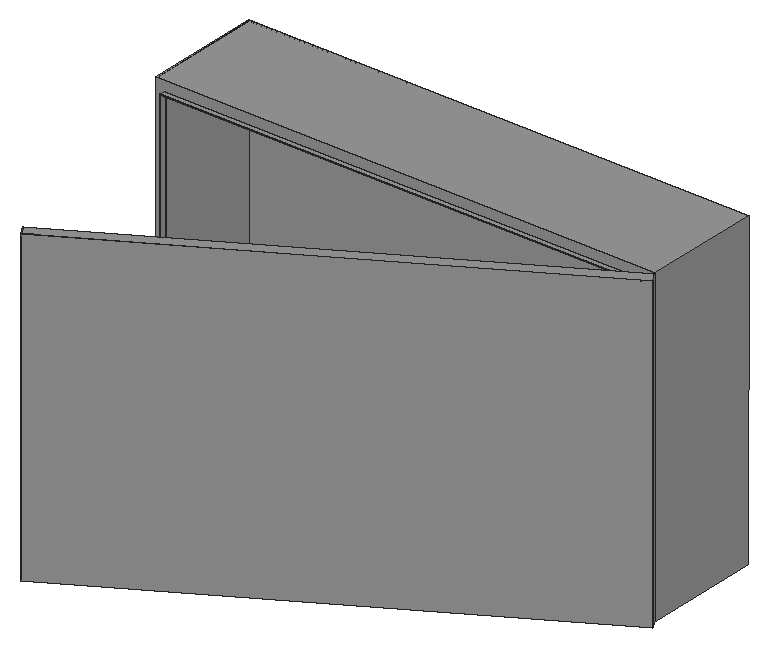
Revit family "Hager-Univers-IP44-D205-Cl.I-H500_Base-NoHosted-CH-en", category Equipement électrique, Revit 2020
Family settings
  Configuration du panneau = Deux colonnes, circuits au sein
  Cote de connecteur circulaire = Utiliser le diamètre
  Type d'élément = Tableau de raccordement
  Basée sur le plan de construction = Oui
  Toujours verticalement = Oui
  Couper avec des vides une fois chargée = Non
  Partagée = Non
  Point de calcul de pièce = Non
Parameters (values of type "Surface mounted (plaster) IP44 W800 H500 D205  - ZB013T")
  Width Control [instance] = if([EF000008 - Width] > Min Width, [EF000008 - Width], Min Width)  # 800 mm
  Commentaires du type = [HG000003 - Range]  # "Univers"
  Thickness Door [instance] = if([EF009171 - Material plate thickness door/cover] > 3 mm, 3 mm, [EF009171 - Material plate thickness door/cover])  # 1 mm
  Seal Frame Offset [instance] = 17 mm  # constant formula
  Plinth Visibility [instance] = [HG000027 - Plinth height] > 0 mm  # no
  Min Width [instance] = 100 mm  # constant formula
  Min Depth [instance] = (2 * [EF009170 - Material plate thickness cabinet]) + 1 mm  # 3 mm
  Min Height [instance] = 100 mm  # constant formula
  Internal Frame Depth [instance] = (Door System Depth * 0.5)  # 9 mm
  Panel Name [instance] = ""  # (empty or 0)
  Model = ""
  HG000027 - Plinth height = 0 mm
  HG000026 - Floor standing = no
  HG000024 - Bottom section height = 600 mm
  HG000023 - Double section enclosure = no
  HG000016 - Door 3d visibility [instance] = yes
  HG000015 - Clearance visibility [instance] = no
  HG000014 - Door on the right [instance] = yes
  HG000013 - Door on the left [instance] = not([HG000014 - Door on the right])  # no
  HG000012 - Door swing angle [instance] = 30.00°
  HG000010 - Asymmetric doors = no
  HG000009 - Double swing door = no
  HG000006 - Flush mounted = no
  HG000004 - Manufacturer reference = "ZB013T"
  HG000003 - Range = "Univers"
  HG000002 - With door or cover = yes
  Frame Offset Bottom [instance] = 10 mm  # constant formula
  Frame Offset [instance] = 15 mm  # constant formula
  EF015940 - Cover with overpressure release = no
  EF011959 - Degree of protection (NEMA) = ""
  EF009554 - Number of openings for flange plates = 0
  EF009212 - Cover model = "EV000116 - Closed"
  EF009171 - Material plate thickness door/cover = 1 mm
  EF009170 - Material plate thickness cabinet = 1 mm
  EF008873 - Nominal current (In) = 250 A
  EF007800 - Suitable for lightning protection = no
  EF006306 - With lock = no
  EF006244 - Transparent cover/door = no
  EF005474 - Degree of protection (IP) = "EV006418 - IP44"
  EF004464 - Type of door = "EV003602 - Double"
  EF004427 - Number of modules = 0
  EF004293 - Impact strength = "EV006815 - IK09"
  EF003532 - Suitable for outdoor use = no
  EF002950 - Width in number of modular spacings = 0
  EF001613 - Circuit integrity = "EV000494 - None"
  EF001596 - Material housing = "EV000179 - Steel"
  EF001131 - Internal depth = 0 mm
  EF001088 - Extension possible = yes
  EF000437 - Number of conduit inlets = 0
  EF000339 - Type of cover = "EV004216 - Door"
  EF000266 - Number of rows = 0
  EF000218 - Built-in depth = 0 mm
  EF000118 - With mounting plate = no
  EF000116 - RAL-number = "9010"
  EF000049 - Depth = 205 mm
  EF000040 - Height = 500 mm
  EF000008 - Width = 800 mm
  EF000007 - Colour = "EV000202 - White"
  EF000003 - Mounting method = "EV000384 - Surface mounted (plaster)"
  Door System Leaf Tolerance [instance] = 1.5 mm  # constant formula
  Door System Depth [instance] = 18 mm  # constant formula
  Door Height [instance] = Height Control - [HG000027 - Plinth height]  # 500 mm
  Description = ""
  Default Elevation = 1219.2 mm
  Connector Offset [instance] = Height Control / 2  # 250 mm
  Fabricant = "Hager"  # constant formula
  Height Control [instance] = if([EF000040 - Height] > Min Height, [EF000040 - Height], Min Height)  # 500 mm
  Depth Control [instance] = if([EF000049 - Depth] > Min Depth, [EF000049 - Depth], Min Depth)  # 205 mm
  Bottom Top Plate Trim [instance] = 1.5 mm  # constant formula
  Plinth height Ctrl [instance] = if([HG000027 - Plinth height] > 0 mm, [HG000027 - Plinth height], 12 mm)  # 12 mm
Types (2, lengths in mm): name | Width Control | HG000004 - Manufacturer reference | EF004464 - Type of door | EF000008 - Width
  Surface mounted (plaster) IP44 W550 H500 D205  - ZB012T | 550 | "ZB012T" | "EV002646 - Single" | 550
  Surface mounted (plaster) IP44 W800 H500 D205  - ZB013T | 800 | "ZB013T" | "EV003602 - Double" | 800
Reference planes
  plane 1 "Center (Front/Back)": y = 0
  plane 2: z = 0
  plane 3 "Center (Left/Right)": x = 0
  plane 4: y = 0
  plane 5: y = 0
  plane 6: z = 0
  plane 7: x = -400
  plane 8: x = 400
  plane 9: x = 399
  plane 10: x = -399
  plane 11: z = 0
  plane 12: z = 1
  plane 13: y = -205
  plane 14: y = -1
  plane 15: x = 0
  plane 16: y = -187
  plane 17: y = -204
  plane 18: y = -186
  plane 19: x = -384
  plane 20: x = 384
  plane 21: z = 11
  plane 22: x = -383
  plane 23: x = 383
  plane 24: z = 0
  plane 25: z = 500
  plane 26: z = 500
  plane 27: z = 484
  plane 28: z = 499
Forms (mm)
  Extrusion 1, solid, material "Hager_Steel_RAL7035_Light_Grey", detail levels medium+fine
    sketch origin (-208.679, -4572, 0) x (-1, 0, 0) y (0, -1, 0)
      loop
        line (191.321, -4385) -> (-608.679, -4385) -> (-608.679, -4572) -> (191.321, -4572) -> (191.321, -4385)
    from 0 to 500
  Extrusion 2, void
    sketch origin (-350.771, -205, 1219.2) x (1, 0, 0) y (0, 0, 1)
      loop
        line (-48.229, -720.2) -> (-48.229, -1218.2) -> (749.771, -1218.2) -> (749.771, -720.2) -> (-48.229, -720.2)
    from -19 to -204
  Extrusion 3, void
    sketch origin (-290.084, -187, 1219.2) x (1, 0, 0) y (0, 0, 1)
      loop
        line (-93.916, -1208.2) -> (674.084, -1208.2) -> (674.084, -735.2) -> (-93.916, -735.2) -> (-93.916, -1208.2)
    from 0 to -1
  Extrusion 4, solid, material "Hager_Steel_RAL7035_Light_Grey", visible <- "Plinth Visibility", detail levels medium+fine
    sketch origin (0, 0, 0) x (1, 0, 0) y (0, 1, 0)
      loop
        line (-400, 0) -> (-400, -187) -> (400, -187) -> (400, 0) -> (-400, 0)
    from 0 to 12 <- "Plinth height Ctrl"
  Extrusion 5, solid, material "Hager_Steel_RAL7035_Light_Grey", detail levels coarse
    sketch origin (0, 0, 0) x (1, 0, 0) y (0, 1, 0)
      loop
        line (-400, 0) -> (-400, -205) -> (400, -205) -> (400, 0) -> (-400, 0)
    from 0 to 500 <- "Height Control"
  Sweep 6, void
    path in 3D
      loop
        line (-400, -187, 12) -> (400, -187, 12) -> (400, 0, 12) -> (-400, 0, 12) -> (-400, -187, 12)
    profile origin (-400, -93.5, 12) x (1, 0, 0) y (0, 0, 1)
      loop
        line (0, 0) -> (0, -1.5) -> (1.5, -1.5)
        arc (1.5, -1.5) -> (1.061, -0.439) -> (0, 0) r 1.5
  Extrusion 7, solid, material "Hager_Steel_RAL7035_Light_Grey", detail levels fine
    sketch origin (-400, -187, 0) x (1, 0, 0) y (0, 0, 1)
      loop
        line (16, 11) -> (784, 11) -> (784, 484) -> (16, 484) -> (16, 11)
      loop
        line (15, 10) -> (785, 10) -> (785, 485) -> (15, 485) -> (15, 10)
    from 0 to 9 <- "Internal Frame Depth"
Cuts and joins
  Extrusion 2, Extrusion 3 cuts Extrusion 1
  Sweep 6 cuts Extrusion 4
Lines and regions (mm)
  Masking region 1
    outline origin (0, 0, 0) x (1, 0, 0) y (0, 1, 0)
      loop
        line (-400, 0) -> (-400, -205) -> (400, -205) -> (400, 0) -> (-400, 0)
  Masking region 2, detail levels coarse
    outline origin (-290.084, -187, 1219.2) x (-1, 0, 0) y (0, 0, 1)
      loop
        line (-690.084, -1219.2) -> (109.916, -1219.2) -> (109.916, -719.2) -> (-690.084, -719.2) -> (-690.084, -1219.2)
  Masking region 3, detail levels coarse
    outline origin (0, 0, 0) x (0, 1, 0) y (0, 0, 1)
      loop
        line (0, 0) -> (0, 500) -> (-205, 500) -> (-205, 0) -> (0, 0)
  Masking region 4, visible <- "Plinth Visibility", detail levels medium+fine
    outline origin (0, 0, 0) x (0, 1, 0) y (0, 0, 1)
      loop
        line (-1.5, 12) -> (-185.5, 12)
        arc (-185.5, 12) -> (-185.939, 10.939) -> (-187, 10.5) r 1.5
        line (-187, 10.5) -> (-187, 0) -> (0, 0) -> (0, 10.5)
        arc (0, 10.5) -> (-1.061, 10.939) -> (-1.5, 12) r 1.5
  Masking region 5, detail levels medium+fine
    outline origin (0, 0, 594.038) x (0, 1, 0) y (0, 0, 1)
      loop
        line (0, -594.038) -> (0, -94.038) -> (-187, -94.038) -> (-187, -594.038) -> (0, -594.038)
  Masking region 6, detail levels medium+fine
    outline origin (-359.7, -187, 1211.883) x (-1, 0, 0) y (0, 0, 1)
      loop
        line (-759.7, -1211.883) -> (40.3, -1211.883) -> (40.3, -711.883) -> (-759.7, -711.883) -> (-759.7, -1211.883)
  Masking region 7, visible <- "Plinth Visibility", detail levels medium+fine
    outline origin (-320.334, -187, 1041.368) x (-1, 0, 0) y (0, 0, 1)
      loop
        line (-720.334, -1041.368) -> (79.666, -1041.368) -> (79.666, -1030.868)
        arc (79.666, -1030.868) -> (78.606, -1030.429) -> (78.166, -1029.368) r 1.5
        line (78.166, -1029.368) -> (-718.834, -1029.368)
        arc (-718.834, -1029.368) -> (-719.273, -1030.429) -> (-720.334, -1030.868) r 1.5
        line (-720.334, -1030.868) -> (-720.334, -1041.368)
  sketch lines
    curve 1: line (-400, 0, 12) -> (-400, -187, 12)
    curve 2: line (-400, -187, 12) -> (400, -187, 12)
    curve 3: line (400, 0, 12) -> (-400, 0, 12)
    curve 4: line (400, -187, 12) -> (400, 0, 12)
Dimensions and locks
  locked: plane 1 "Center (Front/Back)" to plane 5
  "EF009170 - Material plate thickness cabinet": plane 7 to plane 10
  "EF009170 - Material plate thickness cabinet": plane 8 to plane 9
  equal spacing: plane 7, plane 3 "Center (Left/Right)", plane 8
  "Width Control": plane 7 to plane 8
  "Depth Control": plane 4 to plane 13
  "EF009170 - Material plate thickness cabinet": plane 4 to plane 14
  "Height Control": plane 25 to level
  "HG000027 - Plinth height": plane 11 to level
  "EF009170 - Material plate thickness cabinet": plane 12 to plane 11
  "EF009170 - Material plate thickness cabinet": plane 17 to plane 13
  "EF009170 - Material plate thickness cabinet": plane 18 to plane 16
  "Frame Offset Bottom": plane 21 to plane 12
  "Frame Offset": plane 10 to plane 19
  "Frame Offset": plane 9 to plane 20
  "Door System Depth": plane 16 to plane 13
  "Seal Frame Offset": plane 7 to plane 22
  "Seal Frame Offset": plane 8 to plane 23
  "EF009170 - Material plate thickness cabinet": plane 26 to plane 28
  "Frame Offset": plane 28 to plane 27
  "Connector Offset": plane 2 to connector elem
  "Bottom Top Plate Trim": profile plane to Sweep 6 sketch curve
  "Bottom Top Plate Trim": Sweep 6 sketch curve to Sweep 6 sketch curve
  "Plinth height Ctrl": Masking region 4 sketch curve to level
  "Plinth height Ctrl": Masking region 7 sketch curve to level
  "Thickness Door": Extrusion 7 sketch curve to Extrusion 7 sketch curve  (x4)
  "Bottom Top Plate Trim": radius of Sweep 6 sketch curve
  "Bottom Top Plate Trim": radius of Masking region 4 sketch curve  (x2)
  "Bottom Top Plate Trim": radius of Masking region 7 sketch curve  (x2)
  aligned and locked: Extrusion 2 sketch curve to plane 12
  aligned and locked: Extrusion 2 sketch curve to plane 9
  aligned and locked: Extrusion 2 sketch curve to plane 10
  aligned and locked: Extrusion 2 to plane 14
  aligned and locked: Extrusion 1 sketch curve to plane 4
  aligned and locked: plane 8 to Extrusion 1 sketch curve
  aligned and locked: plane 7 to Extrusion 1 sketch curve
  aligned and locked: Extrusion 2 to plane 18
  aligned and locked: plane 19 to Extrusion 3 sketch curve
  aligned and locked: plane 20 to Extrusion 3 sketch curve
  aligned and locked: Extrusion 3 to Extrusion 2
  aligned and locked: Extrusion 3 sketch curve to plane 21
  aligned and locked: plane 3 "Center (Left/Right)" to nested 1
  aligned and locked: Extrusion 1 sketch curve to plane 16
  aligned and locked: Extrusion 4 sketch curve to cut or joined group of Extrusion 1, Extrusion 2, Extrusion 3
  aligned and locked: Masking region 1 sketch curve to plane 7
  aligned and locked: Masking region 1 sketch curve to plane 5
  aligned and locked: Masking region 1 sketch curve to plane 8
  aligned and locked: Masking region 2 sketch curve to level
  aligned and locked: level to Masking region 3 sketch curve
  aligned and locked: plane 1 "Center (Front/Back)" to Masking region 3 sketch curve
  aligned and locked: plane 13 to Masking region 3 sketch curve
  aligned and locked: plane 5 to Masking region 4 sketch curve
  aligned and locked: Masking region 2 sketch curve to plane 8
  aligned and locked: Masking region 2 sketch curve to plane 7
  aligned and locked: plane 7 to nested 2
  aligned and locked: nested 2 to plane 5
  aligned and locked: plane 5 to Masking region 5 sketch curve
  aligned and locked: plane 26 to Masking region 5 sketch curve
  aligned and locked: Extrusion 5 sketch curve to plane 8
  aligned and locked: Extrusion 5 sketch curve to plane 7
  aligned and locked: Extrusion 5 sketch curve to plane 5
  aligned and locked: Extrusion 3 sketch curve to plane 27
  aligned and locked: Extrusion 2 sketch curve to plane 28
  aligned and locked: Masking region 2 to plane 25
  aligned and locked: Extrusion 4 to plane 16
  aligned and locked: profile plane to Sweep 6 sketch curve
  aligned and locked: Masking region 5 sketch curve to plane 24
  aligned and locked: level to Masking region 4 sketch curve
  aligned and locked: Masking region 1 to plane 13
  aligned and locked: nested 1 to plane 16
  aligned and locked: Masking region 3 to plane 25
  aligned and locked: plane 16 to Masking region 4 sketch curve
  aligned and locked: Masking region 5 sketch curve to plane 16
  aligned and locked: plane 24 to plane 11
  aligned and locked: plane 26 to plane 25
  aligned and locked: plane 26 to cut or joined group of Extrusion 1, Extrusion 2, Extrusion 3
  aligned and locked: nested 1 to plane 24
  aligned and locked: Extrusion 1 to Extrusion 3
  aligned and locked: Masking region 6 sketch curve to plane 8
  aligned and locked: Masking region 6 sketch curve to plane 24
  aligned and locked: Masking region 6 sketch curve to plane 7
  aligned and locked: Masking region 6 sketch curve to plane 26
  aligned and locked: Masking region 7 sketch curve to plane 7
  aligned and locked: level to Masking region 7 sketch curve
  aligned and locked: Masking region 7 sketch curve to plane 8
  aligned and locked: Extrusion 7 sketch curve to cut or joined group of Extrusion 1, Extrusion 2, Extrusion 3  (x4)
Automatic sketch dimensions
  plane 19 to Extrusion 3 sketch curve = 0 mm
  Extrusion 3 sketch curve to plane 20 = 0 mm
  Extrusion 3 sketch curve to plane 21 = 0 mm
  Extrusion 4 sketch curve to plane 7 = 0 mm
  Extrusion 4 sketch curve to plane 8 = 0 mm
  Extrusion 4 sketch curve to plane 16 = 0 mm
  Masking region 1 sketch curve to plane 13 = 0 mm
  Masking region 2 sketch curve to plane 25 = 0 mm
  Masking region 3 sketch curve to plane 25 = 0 mm
  Extrusion 5 sketch curve to plane 13 = 0 mm
  profile plane to Sweep 6 sketch curve = 0 mm
Nested families
  nested 1: "EC000058_Univers_Door" at (0, -187, 0), Double <- "HG000009 - Double swing door", Transparent <- "EF006244 - Transparent cover/door", Angle <- "HG000012 - Door swing angle", Door_Right <- "HG000014 - Door on the right", Assymetrical <- "HG000010 - Asymmetric doors", Door <- "HG000002 - With door or cover", Width_Ctrl <- "Width Control", 3d_Door <- "HG000016 - Door 3d visibility", Clearance <- "HG000015 - Clearance visibility", Door_Left <- "HG000013 - Door on the left", Width <- "Width Control", Door_Depth <- "Door System Depth", Leaf_Tolerance <- "Door System Leaf Tolerance", Height <- "Door Height", Lock_Visibility <- "EF006306 - With lock", Thickness <- "Thickness Door", type "EC000058_Univers_Door", detail levels medium+fine
    with min_wh 3 mm, Width_Ctrl 800 mm, Width 800 mm, Transparent no, Thickness 1 mm, Seal_Material Hager_Rubber, Lock_Visibility no, Lock_Material Hager_Plastic_RAL9005_Jet_Black, Leaf_Width 800 mm, Leaf_Tolerance_External_Sides 0 mm, Leaf_Tolerance 1.5 mm, Leaf_Offset 0 mm, Leaf_Height 497 mm, Leaf_2_Width 800 mm, Leaf_2_Offset 400 mm, Leaf_1_Width 800 mm, Leaf_1_Offset 400 mm, Height_Ctrl 500 mm, Height 500 mm, Glass_Material Hager_Glass, Double_Clearance_Ctrl no, Double no, Door_Right_Ctrl yes, Door_Right yes, Door_Material Hager_Steel_RAL7035_Light_Grey, Door_Left_Ctrl no, Door_Left no, Door_Depth 18 mm, Door yes, Clearance_Material Hager_Clearance, Clearance_Depth 800 mm, Clearance_Ctrl no, Clearance no, Assymetrical no, Angle 30.00°, 3d_Door yes
  nested 2: "Hager_Enclosure_Symbol" at (-400, 0, 0), Height <- "Depth Control", Width <- "Width Control", type "Hager_Enclosure_Symbol"
    with Width_Ctrl 800 mm, Width 800 mm, Height_Ctrl 205 mm, Height 205 mm, A_Width_Int 13.453 mm, A_Width 161.438 mm, A_Height_Ctrl 179.375 mm, A_Height 179.375 mm
Connectors
  electrical at (0, 0, 250)
    settings: on plane 1 "Center (Front/Back)", index 1, voltage 0 V, apparent load 0 VA, apparent load phase1 0 VA, apparent load phase2 0 VA, apparent load phase3 0 VA, power factor 1, load classification "Other", number of poles 1, system type 30, power factor state 1, is connector primary yes, connector utility no, sub classification motor no, connector description ""
Definition of nested family "EC000058_Univers_Door"
  Parameters (values of type "EC000058_Univers_Door")
    min_wh [instance] = (2 * Thickness) + 1 mm  # 11 mm
    Width_Ctrl [instance] = 400 mm
    Width [instance] = 500 mm
    Transparent [instance] = yes
    Thickness [instance] = 5 mm
    Seal_Material [instance] = none
    Lock_Visibility [instance] = yes
    Lock_Material [instance] = none
    Leaf_Width [instance] = if((Width_Ctrl - 2 * Leaf_Tolerance_External_Sides) > 0 mm, (Width_Ctrl - 2 * Leaf_Tolerance_External_Sides), min_wh)  # 400 mm
    Leaf_Tolerance_External_Sides [instance] = 0 mm  # constant formula
    Leaf_Tolerance [instance] = 1.5 mm
    Leaf_Offset [instance] = 0 mm  # constant formula
    Leaf_Height [instance] = if((Height_Ctrl - 2 * Leaf_Tolerance) > 0 mm, (Height_Ctrl - 2 * Leaf_Tolerance), min_wh)  # 497 mm
    Leaf_2_Width [instance] = if(and(and(Double, Assymetrical), Door_Left), (Leaf_Width / 3) - (Leaf_Tolerance / 2), if(and(and(Double, Assymetrical), Door_Right), (Leaf_Width / 3) * 2 - (Leaf_Tolerance / 2), if(and(Double, not(Assymetrical)), (Leaf_Width / 2) - Leaf_Tolerance, Leaf_Width)))  # 400 mm
    Leaf_2_Offset [instance] = if(and(Double, Assymetrical), Leaf_2_Width / 2, if(and(Double, not(Assymetrical)), Leaf_Width / 4, Leaf_Width / 2))  # 200 mm
    Leaf_1_Width [instance] = if(and(and(Double, Assymetrical), Door_Right), (Leaf_Width / 3) - (Leaf_Tolerance / 2), if(and(and(Double, Assymetrical), Door_Left), (Width / 3) * 2 - (Leaf_Tolerance / 2), if(and(Double, not(Assymetrical)), (Leaf_Width / 2) - Leaf_Tolerance, Leaf_Width)))  # 400 mm
    Leaf_1_Offset [instance] = if(and(Double, Assymetrical), Leaf_1_Width / 2, if(and(Double, not(Assymetrical)), Leaf_Width / 4, Leaf_Width / 2))  # 200 mm
    Height_Ctrl [instance] = if(Height > min_wh, Height, min_wh)  # 500 mm
    Height [instance] = 500 mm
    Glass_Material [instance] = none
    Double_Clearance_Ctrl [instance] = and(Double, Clearance)  # no
    Double [instance] = no
    Door_Right_Ctrl [instance] = and(or(Door_Right, Double), Door)  # yes
    Door_Right [instance] = yes
    Door_Material [instance] = none
    Door_Left_Ctrl [instance] = and(or(Door_Left, Double), Door)  # no
    Door_Left [instance] = no
    Door_Depth [instance] = 30 mm
    Door [instance] = yes
    Default Elevation = 1219.2 mm
    Clearance_Material [instance] = none
    Clearance_Depth [instance] = if(Leaf_1_Width > Leaf_2_Width, Leaf_1_Width, Leaf_2_Width)  # 400 mm
    Clearance_Ctrl [instance] = and(not(Double), Clearance)  # yes
    Clearance [instance] = yes
    Assymetrical [instance] = yes
    Angle [instance] = 30.00°
    3d_Door [instance] = yes
  Reference planes
    plane 1 "Center (Front/Back)": y = 0
    plane 2 "Bottom": z = 0
    plane 3 "Center (Left/Right)": x = 0
    plane 4: z = 500
    plane 5: x = -200
    plane 6: x = 200
    plane 7: z = 500
    plane 8: x = -200
    plane 9: z = 0
    plane 10: x = 200
    plane 11: y = 0
    plane 12: z = 1.5
    plane 13: x = -600
    plane 14: y = -400
    plane 15: x = 600
    plane 16: x = 0
    plane 17: x = 0
    plane 18: x = -200
    plane 19: x = 200
    plane 20: z = 498.5
  Forms (mm)
    Extrusion 1, solid, material <- "Clearance_Material", visible <- "Double_Clearance_Ctrl"
      sketch origin (1200, 0, 0) x (1, 0, 0) y (0, 0, -1)
        loop
          line (-1800, -498.5) -> (-600, -498.5) -> (-600, 0) -> (-1800, 0) -> (-1800, -498.5)
      from 0 to -400
  Dimensions and locks
    equal spacing: plane 5, plane 3 "Center (Left/Right)", plane 6
    "Width_Ctrl": plane 5 to plane 6
    "Leaf_Offset": plane 5 to plane 8
    "Leaf_Offset": plane 6 to plane 10
    "Leaf_Offset": plane 9 to level
    "Leaf_Offset": plane 4 to plane 7
    "Height_Ctrl": plane 4 to level
    "Leaf_Tolerance": plane 12 to plane 9
    locked: plane 11 to plane 1 "Center (Front/Back)"
    "Leaf_1_Offset": plane 18 to plane 16
    "Leaf_2_Offset": plane 17 to plane 19
    "Leaf_1_Width": plane 13 to plane 8
    "Leaf_2_Width": plane 10 to plane 15
    "Clearance_Depth": plane 14 to plane 1 "Center (Front/Back)"
    "Leaf_Tolerance_External_Sides": plane 8 to plane 18
    "Leaf_Tolerance_External_Sides": plane 19 to plane 10
    "Leaf_Tolerance": plane 7 to plane 20
    aligned and locked: level to plane 2 "Bottom"
    aligned and locked: nested 1 to plane 16
    aligned and locked: nested 2 to plane 17
    aligned and locked: Extrusion 1 to plane 13
    aligned and locked: plane 15 to Extrusion 1
    aligned and locked: Extrusion 1 to plane 14
    aligned and locked: plane 12 to nested 1
    aligned and locked: nested 2 to plane 12
    aligned and locked: Extrusion 1 to plane 11
    aligned and locked: plane 20 to Extrusion 1
    aligned and locked: nested 2 to plane 11
    aligned and locked: nested 1 to plane 11
  Automatic sketch dimensions
    Extrusion 1 sketch curve to level = 0 mm
    plane 5 to Extrusion 1 sketch curve = 400 mm
    plane 6 to Extrusion 1 sketch curve = 400 mm
    Extrusion 1 sketch curve to plane 4 = 1.5 mm
  Nested families
    nested 1: "EC000058_Univers_Door_Leaf" at (0, 0, 1.5), Width <- "Leaf_1_Width", visible <- "Door_Left_Ctrl", Leaf_Height <- "Leaf_Height", Angle <- "Angle", 3d_Door <- "3d_Door", Transparent <- "Transparent", Clearance Material <- "Clearance_Material", Clearance <- "Clearance_Ctrl", Door_Material <- "Door_Material", Glass_Material <- "Glass_Material", Door_Depth <- "Door_Depth", Lock_Material <- "Lock_Material", Seal_Material <- "Seal_Material", Lock_Visibility <- "Lock_Visibility", Thickness <- "Thickness", type "EC000058_Univers_Door_Leaf"
      with Width 400 mm, Transparent_Glass_Offset 30 mm, Transparent_Ctrl yes, Transparent yes, Thickness 5 mm, Standard no, Seal_Material none, Seal_D2 8 mm, Seal_D1 1 mm, Offset_Internal_Frame 10 mm, Lock_Width 20 mm, Lock_Visibility_3d yes, Lock_Visibility yes, Lock_Thickness_3 3 mm, Lock_Thickness_2 1 mm, Lock_Thickness_1 3 mm, Lock_Radius_Offset_2 16 mm, Lock_Radius_Offset_1 15 mm, Lock_Radius_2 5 mm, Lock_Radius 6 mm, Lock_Offset 5 mm, Lock_Material none, Lock_Height 80 mm, Lock_Cover_Top_Offset_2d 17 mm, Lock_Cover_Height -65 mm, Leaf_Height 497 mm, Internal_Seal_Thickness 8 mm, Internal_Seal_Depth_2 4.5 mm, Internal_Frame_Depth 25 mm, Glass_Thickness -1 mm, Glass_Offset -2 mm, Glass_Material none, Door_Material none, Door_Depth 30 mm, Clearance Material none, Clearance yes, Angle_Ctrl 30.00°, Angle 30.00°, 3d_Door yes
    nested 2: "EC000058_Univers_Door_Leaf" at (0, 0, 1.5) x (-1, 0, 0) z (0, 0, 1), Width <- "Leaf_2_Width", visible <- "Door_Right_Ctrl", Leaf_Height <- "Leaf_Height", Angle <- "Angle", 3d_Door <- "3d_Door", Transparent <- "Transparent", Clearance Material <- "Clearance_Material", Clearance <- "Clearance_Ctrl", Door_Material <- "Door_Material", Glass_Material <- "Glass_Material", Door_Depth <- "Door_Depth", Lock_Material <- "Lock_Material", Seal_Material <- "Seal_Material", Lock_Visibility <- "Lock_Visibility", Thickness <- "Thickness", type "EC000058_Univers_Door_Leaf"
      with Width 400 mm, Transparent_Glass_Offset 30 mm, Transparent_Ctrl yes, Transparent yes, Thickness 5 mm, Standard no, Seal_Material none, Seal_D2 8 mm, Seal_D1 1 mm, Offset_Internal_Frame 10 mm, Lock_Width 20 mm, Lock_Visibility_3d yes, Lock_Visibility yes, Lock_Thickness_3 3 mm, Lock_Thickness_2 1 mm, Lock_Thickness_1 3 mm, Lock_Radius_Offset_2 16 mm, Lock_Radius_Offset_1 15 mm, Lock_Radius_2 5 mm, Lock_Radius 6 mm, Lock_Offset 5 mm, Lock_Material none, Lock_Height 80 mm, Lock_Cover_Top_Offset_2d 17 mm, Lock_Cover_Height -65 mm, Leaf_Height 497 mm, Internal_Seal_Thickness 8 mm, Internal_Seal_Depth_2 4.5 mm, Internal_Frame_Depth 25 mm, Glass_Thickness -1 mm, Glass_Offset -2 mm, Glass_Material none, Door_Material none, Door_Depth 30 mm, Clearance Material none, Clearance yes, Angle_Ctrl 30.00°, Angle 30.00°, 3d_Door yes
  Definition of nested family "EC000058_Univers_Door_Leaf"
    Parameters (values of type "EC000058_Univers_Door_Leaf")
      Width [instance] = 2000 mm
      Transparent_Glass_Offset [instance] = 30 mm
      Transparent_Ctrl [instance] = and(Transparent, [3d_Door])  # yes
      Transparent [instance] = yes
      Thickness [instance] = 5 mm
      Standard [instance] = and(not(Transparent), [3d_Door])  # no
      Seal_Material [instance] = none
      Seal_D2 [instance] = 8 mm  # constant formula
      Seal_D1 [instance] = 1 mm  # constant formula
      Offset_Internal_Frame [instance] = 10 mm  # constant formula
      Lock_Width [instance] = 20 mm  # constant formula
      Lock_Visibility_3d [instance] = and(Lock_Visibility, [3d_Door])  # yes
      Lock_Visibility [instance] = yes
      Lock_Thickness_3 [instance] = 3 mm  # constant formula
      Lock_Thickness_2 [instance] = 1 mm  # constant formula
      Lock_Thickness_1 [instance] = 3 mm  # constant formula
      Lock_Radius_Offset_2 [instance] = Lock_Radius_Offset_1 + 1 mm  # 16 mm
      Lock_Radius_Offset_1 [instance] = 15 mm  # constant formula
      Lock_Radius_2 [instance] = Lock_Radius - 1 mm  # 5 mm
      Lock_Radius [instance] = 6 mm  # constant formula
      Lock_Offset [instance] = 5 mm  # constant formula
      Lock_Material [instance] = none
      Lock_Height [instance] = 80 mm  # constant formula
      Lock_Cover_Top_Offset_2d [instance] = Lock_Radius_Offset_2 + 1 mm  # 17 mm
      Lock_Cover_Height [instance] = -(Lock_Height - Lock_Radius_Offset_1)  # -65 mm
      Leaf_Height [instance] = 2720.336 mm
      Internal_Seal_Thickness [instance] = 8 mm  # constant formula
      Internal_Seal_Depth_2 [instance] = 4.5 mm  # constant formula
      Internal_Frame_Depth [instance] = if(Door_Depth - Thickness > 5 mm, Door_Depth - Thickness, 5 mm)  # 25 mm
      Glass_Thickness [instance] = if(Thickness > 15 mm, Glass_Offset + 10 mm, -1 mm)  # -1 mm
      Glass_Offset [instance] = if(Thickness > 15 mm, -(Thickness + 10 mm) / 2, -2 mm)  # -2 mm
      Glass_Material [instance] = none
      Door_Material [instance] = none
      Door_Depth [instance] = 30 mm
      Default Elevation = 0 mm
      Clearance Material [instance] = none
      Clearance [instance] = yes
      Angle_Ctrl [instance] = if(Angle > 180.00°, 180.00°, Angle)  # 90.00°
      Angle [instance] = 90.00°
      3d_Door [instance] = yes
    Reference planes
      plane 1 "Center (Front/Back)": y = 0
      plane 2: z = 0
      plane 3 "Center (Left/Right)": x = 0
      plane 4: y = 2000
      plane 5: x = -1000
      plane 6: x = 1000
      plane 7: x = -3000
      plane 8: z = 2720.336
      plane 9: z = 30
      plane 10: z = 2690.336
      plane 11: x = 970
      plane 12: x = -970
      plane 13: y = -3
      plane 14: z = 107.833
      plane 15: y = -5
      plane 16: y = -223.314
      plane 17: x = -1000
      plane 18: z = 1360.168
      plane 19: y = 30
    Forms (mm)
      Extrusion 1, solid, material <- "Clearance Material", visible <- "Clearance"
        sketch origin (0, 0, 0) x (1, 0, 0) y (0, 0, 1)
          loop
            line (-3000, 2720.336) -> (-3000, 0) -> (1000, 0) -> (1000, 2720.336) -> (-3000, 2720.336)
        from 0 to -2000
      Extrusion 2, solid, material <- "Door_Material", visible <- "Standard", detail levels medium+fine
        sketch origin (-1000, 0, 0) x (0, 1, 0) y (-1, 0, 0)
          loop
            line (0, 30) -> (0, 25) -> (2000, 25) -> (2000, 30) -> (0, 30)
        from 0 to 2720.336 <- "Leaf_Height"
      Extrusion 3, solid, material <- "Door_Material", visible <- "Transparent_Ctrl", detail levels medium+fine
        sketch origin (-1000, 0, 0) x (0, 1, 0) y (-1, 0, 0)
          loop
            line (0, 25) -> (2000, 25) -> (2000, 30) -> (0, 30) -> (0, 25)
        from 0 to 2720.336 <- "Leaf_Height"
      Extrusion 4, void
        sketch origin (-1025, 2000, 0) x (0, 1, 0) y (0, 0, -1)
          loop
            line (-30, -2690.336) -> (-30, -30) -> (-1970, -30) -> (-1970, -2690.336) -> (-30, -2690.336)
        from 0 to 5 <- "Thickness"
      Sweep 5, solid, material <- "Seal_Material", visible <- "Transparent_Ctrl", detail levels fine
        path in 3D
          loop
            line (-1025, 30, 30) -> (-1025, 30, 2690.336) -> (-1025, 1970, 2690.336) -> (-1025, 1970, 30) -> (-1025, 30, 30)
        profile origin (-1025, 1000, 30) x (1, 0, 0) y (0, 0, 1)
          loop
            line (0, 0) -> (0, -8) -> (1, -8) -> (1, 0) -> (0, 0)
      Extrusion 6, solid, material <- "Glass_Material", visible <- "Transparent_Ctrl", detail levels medium+fine
        sketch origin (-1030, 0, 0) x (0, 1, 0) y (0, 0, -1)
          loop
            line (1970, -2690.336) -> (1970, -30) -> (30, -30) -> (30, -2690.336) -> (1970, -2690.336)
        from -2 <- "Glass_Offset" to -1 <- "Glass_Thickness"
      Extrusion 7, solid, material <- "Door_Material", visible <- "3d_Door", detail levels medium+fine
        sketch origin (-1025, 2000, 0) x (0, -1, 0) y (0, 0, -1)
          loop
            line (0, -2720.336) -> (2000, -2720.336) -> (2000, 0) -> (0, 0) -> (0, -2720.336)
          loop
            line (1995, -5) -> (5, -5) -> (5, -2715.336) -> (1995, -2715.336) -> (1995, -5)
        from 0 to 25 <- "Internal_Frame_Depth"
      Sweep 8, solid, material <- "Seal_Material", visible <- "Transparent_Ctrl", detail levels fine
        path in 3D
          loop
            line (-1025, 0, 0) -> (-1025, 2000, 0) -> (-1025, 2000, 2720.336) -> (-1025, 0, 2720.336) -> (-1025, 0, 0)
        profile origin (-1025, 0, 1360.168) x (1, 0, 0) y (0, 1, 0)
          loop
            line (0, 10) -> (2.975, 10)
            arc (2.975, 10) -> (4.053, 10.447) -> (4.5, 11.525) r 1.525
            line (4.5, 11.525) -> (4.5, 16.527)
            arc (4.5, 16.527) -> (4.069, 17.569) -> (3.027, 18) r 1.473
            line (3.027, 18) -> (0, 18) -> (0, 10)
      Extrusion 9, solid, material <- "Lock_Material", visible <- "Lock_Visibility_3d", detail levels fine
        sketch origin (-1030, 0, 0) x (0, 1, 0) y (0, 0, -1)
          loop
            arc (1993.5, -1400.168) -> (1994.561, -1399.729) -> (1995, -1398.668) r 1.5
            line (1995, -1398.668) -> (1995, -1320.168) -> (1975, -1320.168) -> (1975, -1398.668)
            arc (1975, -1398.668) -> (1975.439, -1399.729) -> (1976.5, -1400.168) r 1.5
            line (1976.5, -1400.168) -> (1993.5, -1400.168)
        from 3 <- "Lock_Thickness_1" to 0
      Blend 10, solid, material <- "Lock_Material", visible <- "Lock_Visibility_3d", detail levels fine
        base sketch origin (-1033, 0, 0) x (0, 1, 0) y (0, 0, -1)
          loop
            line (1975, -1320.168) -> (1975, -1398.668)
            arc (1975, -1398.668) -> (1975.439, -1399.729) -> (1976.5, -1400.168) r 1.5
            line (1976.5, -1400.168) -> (1993.5, -1400.168)
            arc (1993.5, -1400.168) -> (1994.561, -1399.729) -> (1995, -1398.668) r 1.5
            line (1995, -1398.668) -> (1995, -1320.168) -> (1975, -1320.168)
        top sketch origin (-1033, 0, 0) x (0, 1, 0) y (0, 0, -1)
          loop
            line (1976, -1320.168) -> (1976, -1398.668)
            arc (1976, -1398.668) -> (1976.146, -1399.022) -> (1976.5, -1399.168) r 0.5
            line (1976.5, -1399.168) -> (1993.5, -1399.168)
            arc (1993.5, -1399.168) -> (1993.854, -1399.022) -> (1994, -1398.668) r 0.5
            line (1994, -1398.668) -> (1994, -1320.168) -> (1976, -1320.168)
        from 0 to 1 <- "Lock_Thickness_2"
      Blend 11, solid, material <- "Lock_Material", visible <- "Lock_Visibility_3d", detail levels fine
        base sketch origin (-1034, 0, 0) x (0, 1, 0) y (0, 0, -1)
          loop
            line (1978, -1320.168) -> (1978, -1384.168)
            arc (1978, -1384.168) -> (1985, -1391.168) -> (1992, -1384.168) r 7
            line (1992, -1384.168) -> (1992, -1320.168) -> (1978, -1320.168)
        top sketch origin (-1034, 0, 0) x (0, 1, 0) y (0, 0, -1)
          loop
            line (1991, -1320.168) -> (1979, -1320.168) -> (1979, -1383.168)
            arc (1979, -1383.168) -> (1985, -1389.168) -> (1991, -1383.168) r 6
            line (1991, -1383.168) -> (1991, -1320.168)
        from 0 to 3 <- "Lock_Thickness_3"
      Extrusion 12, solid, material <- "Lock_Material", visible <- "Lock_Visibility_3d", detail levels fine
        sketch origin (-1030, 1975, 1320.168) x (1, 0, 0) y (0, -1, 0)
          loop
            line (-7, -19) -> (-7, -1) -> (0, -1) -> (0, 0) -> (-8, 0) -> (-8, -20) -> (0, -20) -> (0, -19) -> (-7, -19)
        from 0 to -65 <- "Lock_Cover_Height"
      Extrusion 13, void
        sketch origin (-1038, 1995, 1320.168) x (-1, 0, 0) y (0, 0, -1)
          loop
            line (-5, -65) -> (0, -65) -> (-5, -60) -> (-5, -65)
        from 0 to 20 <- "Lock_Width"
      Extrusion 14, void
        sketch origin (-1038, 1975, 1320.168) x (0, -1, 0) y (0, 0, -1)
          loop
            circle (-10, -15.995) r 6
          loop
            circle (-10, -15.995) r 5
        from 0 to 2
      Extrusion 15, solid, material <- "Lock_Material", visible <- "Lock_Visibility_3d", detail levels medium
        sketch origin (-1030, 0, 0) x (0, 1, 0) y (0, 0, -1)
          loop
            arc (1993.5, -1400.168) -> (1994.561, -1399.729) -> (1995, -1398.668) r 1.5
            line (1995, -1398.668) -> (1995, -1320.168) -> (1975, -1320.168) -> (1975, -1398.668)
            arc (1975, -1398.668) -> (1975.439, -1399.729) -> (1976.5, -1400.168) r 1.5
            line (1976.5, -1400.168) -> (1993.5, -1400.168)
        from 8 to 0
    Cuts and joins
      Extrusion 4 cuts Extrusion 3
      Extrusion 13, Extrusion 14 cuts Extrusion 9
      Extrusion 14 cuts Blend 11
      Extrusion 13, Extrusion 14 cuts Extrusion 12
      joined: Extrusion 9, Blend 10, Blend 11, Extrusion 12
      Extrusion 14 cuts Extrusion 15
    Lines and regions (mm)
      Masking region 1, visible <- "Lock_Visibility", detail levels fine
        outline origin (0, 0, 0) x (0, 1, 0) y (0, 0, 1)
          loop
            line (30, 1320.168) -> (33, 1320.168) -> (33, 1400.168) -> (30, 1400.168) -> (30, 1320.168)
      Masking region 2, visible <- "Lock_Visibility", detail levels fine
        outline origin (0, 3.143, 0) x (0, 1, 0) y (0, 0, 1)
          loop
            line (29.857, 1354.168) -> (30.857, 1354.168) -> (30.857, 1366.168) -> (29.857, 1366.168) -> (29.857, 1354.168)
      Masking region 3, detail levels medium+fine
        outline origin (0, 0, 0) x (0, 1, 0) y (0, 0, 1)
          loop
            line (0, 0) -> (30, 0) -> (30, 2720.336) -> (0, 2720.336) -> (0, 0)
      Masking region 4, detail levels medium+fine
        outline origin (0, 0, 0) x (1, 0, 0) y (0, 0, 1)
          loop
            line (-1000, 2720.336) -> (-1000, 0) -> (1000, 0) -> (1000, 2720.336) -> (-1000, 2720.336)
      Masking region 5, visible <- "Lock_Visibility", detail levels fine
        outline origin (-47.116, 0, 0) x (1, 0, 0) y (0, 0, 1)
          loop
            arc (1024.616, 1399.168) -> (1023.556, 1398.729) -> (1023.116, 1397.668) r 1.5
            line (1023.116, 1397.668) -> (1023.116, 1320.168) -> (1041.116, 1320.168) -> (1041.116, 1397.668)
            arc (1041.116, 1397.668) -> (1040.677, 1398.729) -> (1039.616, 1399.168) r 1.5
            line (1039.616, 1399.168) -> (1024.616, 1399.168)
      Masking region 6, visible <- "Lock_Visibility", detail levels medium+fine
        outline origin (-25, 0, 0) x (1, 0, 0) y (0, 0, 1)
          loop
            arc (1001.5, 1400.168) -> (1000.439, 1399.729) -> (1000, 1398.668) r 1.5
            line (1000, 1398.668) -> (1000, 1320.168) -> (1020, 1320.168) -> (1020, 1398.668)
            arc (1020, 1398.668) -> (1019.561, 1399.729) -> (1018.5, 1400.168) r 1.5
            line (1018.5, 1400.168) -> (1001.5, 1400.168)
      Masking region 7, visible <- "Lock_Visibility", detail levels fine
        outline origin (-73.735, 0, 0) x (1, 0, 0) y (0, 0, 1)
          loop
            line (1051.735, 1382.168) -> (1065.735, 1382.168) -> (1065.735, 1384.168)
            arc (1065.735, 1384.168) -> (1058.735, 1391.168) -> (1051.735, 1384.168) r 7
            line (1051.735, 1384.168) -> (1051.735, 1382.168)
      Masking region 8, visible <- "Lock_Visibility", detail levels fine
        outline origin (-73.735, 0, 0) x (1, 0, 0) y (0, 0, 1)
          loop
            line (1052.735, 1382.168) -> (1064.735, 1382.168) -> (1064.735, 1383.168)
            arc (1064.735, 1383.168) -> (1058.735, 1389.168) -> (1052.735, 1383.168) r 6
            line (1052.735, 1383.168) -> (1052.735, 1382.168)
      Masking region 9, visible <- "Lock_Visibility", detail levels fine
        outline origin (-25, 0, 0) x (1, 0, 0) y (0, 0, 1)
          loop
            line (1020, 1320.168) -> (1020, 1382.168) -> (1000, 1382.168) -> (1000, 1320.168) -> (1020, 1320.168)
      Masking region 10, detail levels medium+fine
        outline origin (0, 0, 0) x (1, 0, 0) y (0, 0, 1)
          loop
            circle (985, 1335.144) r 6
      Masking region 11, detail levels fine
        outline origin (0, 0, 0) x (1, 0, 0) y (0, 0, 1)
          loop
            circle (985, 1335.144) r 5
      Masking region 12, visible <- "Lock_Visibility", detail levels fine
        outline origin (0, 12.767, 0) x (0, 1, 0) y (0, 0, 1)
          loop
            line (20.233, 1320.168) -> (21.233, 1320.168) -> (21.233, 1399.168) -> (20.233, 1400.168) -> (20.233, 1320.168)
      Masking region 13, visible <- "Lock_Visibility", detail levels fine
        outline origin (0, 13.767, -10) x (0, 1, 0) y (0, 0, 1)
          loop
            line (20.233, 1330.168) -> (23.233, 1330.168) -> (23.233, 1399.168) -> (20.233, 1402.168) -> (20.233, 1330.168)
      Masking region 14, visible <- "Lock_Visibility", detail levels fine
        outline origin (0, 12.767, -10) x (0, 1, 0) y (0, 0, 1)
          loop
            line (20.233, 1330.168) -> (25.233, 1330.168) -> (25.233, 1399.305) -> (20.233, 1394.305) -> (20.233, 1330.168)
      Masking region 15, visible <- "Lock_Visibility", detail levels medium
        outline origin (0, 0, 0) x (0, 1, 0) y (0, 0, 1)
          loop
            line (30, 1320.168) -> (38, 1320.168) -> (38, 1400.168) -> (30, 1400.168) -> (30, 1320.168)
      Masking region 16, visible <- "Lock_Visibility", detail levels fine
        outline origin (-1000, 0, 0) x (0, 1, 0) y (-1, 0, 0)
          loop
            line (1975, 30) -> (1995, 30) -> (1995, 38) -> (1975, 38) -> (1975, 30)
          loop
            line (1979, 37) -> (1976, 37) -> (1976, 34) -> (1978, 34) -> (1979, 37)
          loop
            line (1994, 37) -> (1991, 37) -> (1992, 34) -> (1994, 34) -> (1994, 37)
      Masking region 17, visible <- "Lock_Visibility", detail levels medium
        outline origin (-1000, 0, 0) x (0, 1, 0) y (-1, 0, 0)
          loop
            line (1975, 30) -> (1995, 30) -> (1995, 38) -> (1975, 38) -> (1975, 30)
      symbolic lines
        curve 1: line (1000, 0, 0) -> (-3000, 0, 0)
        curve 2: arc (1000, 0, 0) -> (-1000, 2000, 0) -> (-3000, 0, 0) r 2000
        curve 4: line (-1030, 0, 0) -> (-1030, 2000, 0)
      reference lines
        curve 3: line (-1000, 0, 0) -> (-1000, 2000, 0)
      symbolic lines, detail levels medium+fine
        curve 5: line (-1030, 2000, 0) -> (-1025, 2000, 0)
        curve 7: line (-1025, 0, 0) -> (-1030, 0, 0)
        curve 8: line (-1025, 0, 0) -> (-1000, 0, 0)
        curve 9: line (-1000, 0, 0) -> (-1000, 2000, 0)
        curve 10: line (-1000, 2000, 0) -> (-1025, 2000, 0)
      symbolic lines, detail levels fine
        curve 6: line (-1025, 2000, 0) -> (-1025, 0, 0)
      sketch lines
        curve 11: line (-1025, 0, 2720.336) -> (-1025, 0, 0)
        curve 12: line (-1025, 2000, 0) -> (-1025, 0, 0)
        curve 13: line (-1025, 2000, 2720.336) -> (-1025, 2000, 0)
        curve 14: line (-1025, 0, 2720.336) -> (-1025, 2000, 2720.336)
        curve 15: line (-1025, 1970, 30) -> (-1025, 30, 30)
        curve 16: line (-1025, 30, 30) -> (-1025, 30, 2690.336)
        curve 17: line (-1025, 1970, 2690.336) -> (-1025, 1970, 30)
        curve 18: line (-1025, 30, 2690.336) -> (-1025, 1970, 2690.336)
      symbolic lines, visible <- "Transparent", detail levels medium+fine
        curve 19: line (-970, 0, 2690.336) -> (970, 0, 2690.336)
        curve 20: line (-970, 0, 30) -> (-970, 0, 2690.336)
        curve 21: line (970, 0, 30) -> (-970, 0, 30)
        curve 22: line (970, 0, 2690.336) -> (970, 0, 30)
    Dimensions and locks
      "Width": plane 1 "Center (Front/Back)" to plane 4
      equal spacing: plane 5, plane 3 "Center (Left/Right)", plane 6
      "Width": plane 5 to plane 6
      "Width": plane 7 to plane 5
      "Leaf_Height": plane 8 to level
      "Width": curve 5 to curve 3
      "Width": curve 3 to curve 3
      plane 8 to plane 10 = 30 mm
      plane 9 to level = 30 mm
      plane 12 to plane 5 = 30 mm
      plane 6 to plane 11 = 30 mm
      Extrusion 1 to Extrusion 4 sketch curve = 30 mm
      "Transparent_Glass_Offset": curve 3 to Extrusion 4 sketch curve
      "Transparent_Glass_Offset": Extrusion 4 sketch curve to cut or joined group of Extrusion 3, Extrusion 4  (x2)
      cut or joined group of Extrusion 3, Extrusion 4 to Extrusion 6 sketch curve = 30 mm
      "Transparent_Glass_Offset": cut or joined group of Extrusion 3, Extrusion 4 to Extrusion 4 sketch curve
      "Thickness": curve 6 to curve 4
      "Thickness": Extrusion 7 sketch curve to Extrusion 7 sketch curve  (x4)
      "Door_Depth": curve 4 to curve 3
      "Offset_Internal_Frame": profile plane to Sweep 8 sketch curve
      "Internal_Seal_Thickness": Sweep 8 sketch curve to Sweep 8 sketch curve
      "Internal_Seal_Depth_2": profile plane to Sweep 8 sketch curve
      "Seal_D1": profile plane to Sweep 5 sketch curve
      "Seal_D2": profile plane to Sweep 5 sketch curve
      "Thickness": Extrusion 2 sketch curve to Extrusion 2 sketch curve
      equal spacing: Extrusion 9 sketch curve, plane 18, Extrusion 9 sketch curve  (x2)
      equal spacing: Masking region 1 sketch curve, plane 18, Masking region 1 sketch curve
      "Lock_Height": Masking region 1 sketch curve to Masking region 1 sketch curve
      "Lock_Radius": Masking region 2 sketch curve to plane 18 to Masking region 2 sketch curve
      Masking region 2 sketch curve to Masking region 1 = 1 mm
      "Door_Depth": plane 19 to plane 1 "Center (Front/Back)"
      "Lock_Thickness_1": Masking region 1 sketch curve to plane 19
      "Lock_Width": Extrusion 9 sketch curve to Extrusion 9 sketch curve
      "Lock_Height": Extrusion 9 sketch curve to Extrusion 9 sketch curve
      "Lock_Offset": cut or joined group of Extrusion 3, Extrusion 4 to Extrusion 9 sketch curve
      equal spacing: plane 8, plane 18, level
      "Lock_Radius_Offset_1": Blend 11 sketch curve to Blend 10
      locked: Blend 10 to Blend 11 sketch curve at 2  (x2)
      locked: var sketch to Blend 11 sketch curve at 1  (x2)
      "Lock_Radius_Offset_2": Blend 11 sketch curve to Blend 10
      locked: Extrusion 12 sketch curve to Extrusion 12 sketch curve at 1  (x3)
      Masking region 6 sketch curve to Masking region 6 sketch curve = 80 mm
      "Lock_Height": Masking region 6 sketch curve to Masking region 6 sketch curve
      "Lock_Width": Masking region 6 sketch curve to Masking region 6 sketch curve
      locked: Masking region 6 to Masking region 5 sketch curve at 1  (x3)
      locked: Masking region 5 to Masking region 7 sketch curve at 2  (x2)
      "Lock_Radius_Offset_1": Masking region 5 to Masking region 7 sketch curve
      "Lock_Radius_Offset_2": Masking region 5 to Masking region 8 sketch curve
      locked: Masking region 7 to Masking region 8 sketch curve at 1  (x2)
      "Lock_Cover_Top_Offset_2d": Masking region 5 to Masking region 9 sketch curve
      equal spacing: Masking region 9, Masking region 10 sketch curve, Masking region 9
      equal spacing: Masking region 9, Masking region 11 sketch curve, Masking region 9
      Extrusion 15 sketch curve to Extrusion 15 sketch curve = 80 mm
      "Lock_Width": Extrusion 15 sketch curve to Extrusion 15 sketch curve
      "Lock_Height": Extrusion 15 sketch curve to Extrusion 15 sketch curve
      equal spacing: Extrusion 15 sketch curve, plane 18, Extrusion 15 sketch curve
      "Lock_Thickness_3": Masking region 13 sketch curve to Masking region 13 sketch curve
      "Lock_Height": Masking region 12 sketch curve to Masking region 12 sketch curve
      locked: Masking region 13 sketch curve to Masking region 1 at 8
      locked: Masking region 14 sketch curve to Masking region 13 at 1
      locked: Masking region 14 sketch curve to Masking region 1 at 10.863
      "Lock_Height": Masking region 15 sketch curve to Masking region 15 sketch curve
      "Lock_Offset": Extrusion 15 sketch curve to cut or joined group of Extrusion 3, Extrusion 4
      "Lock_Offset": plane 6 to Masking region 6 sketch curve
      radius of Sweep 8 sketch curve = 1.525 mm
      radius of Sweep 8 sketch curve = 1.473 mm
      radius of Extrusion 9 sketch curve = 1.5 mm  (x2)
      "Lock_Radius": radius of Extrusion 14 sketch curve
      "Lock_Radius_2": radius of Extrusion 14 sketch curve
      "Lock_Radius": radius of Masking region 10 sketch curve
      "Lock_Radius_2": radius of Masking region 11 sketch curve
      radius of Extrusion 15 sketch curve = 1.5 mm  (x2)
      "Angle_Ctrl": angle plane 1 "Center (Front/Back)" to curve 3
      locked: Masking region 12 sketch curve to Masking region 12 sketch curve (angle 45.00°)
      locked: Masking region 13 sketch curve to Masking region 13 sketch curve (angle 45.00°)
      locked: Masking region 14 sketch curve to Masking region 14 sketch curve (angle 45.00°)
      aligned and locked: level to plane 2
      aligned and locked: Extrusion 1 to curve 1
      aligned and locked: plane 6 to Extrusion 1
      aligned and locked: Extrusion 1 to plane 1 "Center (Front/Back)"
      aligned and locked: plane 4 to Extrusion 1
      aligned and locked: plane 8 to Extrusion 1
      aligned and locked: curve 7 to Extrusion 2 sketch curve
      aligned and locked: curve 5 to Extrusion 2 sketch curve
      aligned and locked: curve 7 to Extrusion 3 sketch curve
      aligned and locked: Extrusion 3 sketch curve to curve 4
      aligned and locked: Extrusion 3 sketch curve to curve 6
      aligned and locked: Extrusion 3 sketch curve to curve 5
      aligned and locked: curve 9 to curve 3
      aligned and locked: Extrusion 7 sketch curve to cut or joined group of Extrusion 3, Extrusion 4  (x4)
      aligned and locked: plane 17 to curve 3
      aligned and locked: plane 1 "Center (Front/Back)" to curve 3
      aligned and locked: plane 17 to plane 5
      aligned and locked: Sweep 8 sketch curve to profile plane
      aligned and locked: Sweep 5 sketch curve to profile plane  (x2)
      aligned and locked: Masking region 1 to Masking region 2 sketch curve
      aligned and locked: plane 19 to Masking region 1 sketch curve
      aligned and locked: plane 1 "Center (Front/Back)" to Masking region 3 sketch curve
      aligned and locked: plane 19 to Masking region 3 sketch curve
      aligned and locked: level to Masking region 3 sketch curve
      aligned and locked: Masking region 3 sketch curve to plane 8
      aligned and locked: plane 17 to Masking region 4 sketch curve
      aligned and locked: level to Masking region 4 sketch curve
      aligned and locked: Masking region 4 sketch curve to plane 8
      aligned and locked: plane 12 to curve 20
      aligned and locked: plane 10 to curve 19
      aligned and locked: plane 11 to curve 22
      aligned and locked: curve 21 to plane 9
      aligned and locked: Extrusion 2 sketch curve to cut or joined group of Extrusion 3, Extrusion 4
      aligned and locked: Blend 10 sketch curve to Extrusion 9  (x4)
      aligned and locked: Extrusion 9 to Blend 10 sketch curve
      aligned and locked: Blend 10 to Blend 11 sketch curve
      aligned and locked: Extrusion 12 sketch curve to Blend 11
      aligned and locked: Extrusion 12 sketch curve to Extrusion 9  (x4)
      aligned and locked: Masking region 5 sketch curve to Masking region 6
      aligned and locked: Masking region 9 sketch curve to Masking region 6  (x3)
      aligned and locked: Masking region 12 sketch curve to Masking region 1
      aligned and locked: Masking region 13 sketch curve to Masking region 1
      aligned and locked: Masking region 12 to Masking region 14
      aligned and locked: Masking region 14 sketch curve to Masking region 1
      aligned and locked: Masking region 15 sketch curve to Masking region 14
      aligned and locked: Masking region 13 sketch curve to Masking region 12
      aligned and locked: Masking region 16 sketch curve to cut or joined group of Extrusion 14, Extrusion 15  (x4)
      aligned and locked: Masking region 16 sketch curve to cut or joined group of Extrusion 9, Blend 10, Blend 11, Extrusion 12, Extrusion 13, Extrusion 14  (x6)
      aligned and locked: cut or joined group of Extrusion 9, Blend 10, Blend 11, Extrusion 12, Extrusion 13, Extrusion 14 to Masking region 16 sketch curve
      aligned and locked: Masking region 17 sketch curve to cut or joined group of Extrusion 14, Extrusion 15  (x3)
      aligned and locked: Masking region 17 sketch curve to cut or joined group of Extrusion 9, Blend 10, Blend 11, Extrusion 12, Extrusion 13, Extrusion 14
      aligned and locked: Masking region 9 to Masking region 8 sketch curve
      aligned and locked: Masking region 9 to Masking region 7 sketch curve
    Automatic sketch dimensions
      plane 1 "Center (Front/Back)" to curve 2 = 0 mm
      curve 2 to plane 5 = 0 mm
      Extrusion 1 sketch curve to level = 0 mm
      Extrusion 1 sketch curve to plane 7 = 0 mm
      Extrusion 1 sketch curve to plane 6 = 0 mm
      Extrusion 1 sketch curve to plane 8 = 0 mm
      Extrusion 3 to Extrusion 6 sketch curve = 30 mm  (x4)
      Masking region 4 sketch curve to plane 6 = 0 mm
      Blend 10 sketch curve to Extrusion 9 = 1.5 mm
      Blend 10 sketch curve to Extrusion 9 = 1 mm
      Extrusion 13 sketch curve to Extrusion 12 = 0 mm  (x2)
      Extrusion 12 to Extrusion 13 sketch curve = 3 mm
      Extrusion 13 sketch curve to Extrusion 12 = 5 mm
      Extrusion 14 sketch curve to Extrusion 14 sketch curve = 0 mm  (x2)
      Extrusion 14 sketch curve to Extrusion 12 = 10 mm
      Extrusion 14 sketch curve to Extrusion 12 = 15.995 mm
      Masking region 5 sketch curve to Masking region 5 sketch curve = 1.5 mm  (x2)
      Masking region 10 sketch curve to plane 18 = 25.024 mm
      Masking region 11 sketch curve to plane 18 = 25.024 mm
      plane 19 to Masking region 14 sketch curve = 3 mm
      Masking region 16 sketch curve to Masking region 16 sketch curve = 3 mm
      curve 4 to curve 3 = 0 mm
      Blend 10 to Blend 11 sketch curve = 0 mm
      Masking region 6 sketch curve to Masking region 6 sketch curve = 1.5 mm  (x2)
      Masking region 6 sketch curve to plane 18 = 40 mm
      plane 19 to Masking region 12 sketch curve = 3 mm
      Masking region 12 sketch curve to Masking region 12 sketch curve = 1 mm
      Masking region 15 sketch curve to plane 19 = 0 mm
      Masking region 15 sketch curve to plane 18 = 40 mm
      radius of Blend 10 sketch curve to Extrusion 9 = 1 mm
Definition of nested family "Hager_Enclosure_Symbol"
  Parameters (values of type "Hager_Enclosure_Symbol")
    Width_Ctrl [instance] = if(Width > 1 mm, Width, 1 mm)  # 102.27 mm
    Width [instance] = 102.27 mm
    Height_Ctrl [instance] = if(Height > 1 mm, Height, 1 mm)  # 66.5 mm
    A_Width_Int [instance] = if(A_Width / 12 > 2 mm, A_Width / 12, 2 mm)  # 4.364 mm
    A_Width [instance] = if(A_Height_Ctrl * 0.9 > 2 mm, A_Height_Ctrl * 0.9, 2 mm)  # 52.369 mm
    A_Height_Ctrl [instance] = if(A_Height > 2 mm, A_Height, 2 mm)  # 58.188 mm
    Height [instance] = 66.5 mm
    A_Height [instance] = Height - (Height / 8)  # 58.188 mm
  Reference planes
    plane 1 "Centre (avant/arrière)": y = 0
    plane 2: z = 0
    plane 3 "Centre (gauche/droite)": x = 0
    plane 4: x = 52.369
    plane 5: y = 33.042
    plane 6: y = 41.77
    plane 7: y = 66.5
    plane 8: x = 26.184
    plane 9: y = 37.406
    plane 10: x = 102.27
    plane 11: y = 66.5
    plane 12: y = 8.313
  Lines and regions (mm)
    Filled region 1, type "Solid_Black", in view "Niveau de réf."
      outline origin (0, 0, 0) x (1, 0, 0) y (0, 1, 0)
        loop
          line (52.369, 66.5) -> (33.188, 54.536) -> (45.365, 45.006) -> (52.369, 66.5)
    Filled region 2, type "Solid_Black", in view "Niveau de réf."
      outline origin (0, 0, 0) x (1, 0, 0) y (0, 1, 0)
        loop
          line (0, 0) -> (102.27, 0) -> (102.27, 66.5) -> (0, 0)
    detail lines, in view "Niveau de réf."
      curve 1: line (0, 8.313, 0) -> (26.184, 41.77, 0)
      curve 2: line (26.184, 41.77, 0) -> (26.184, 33.042, 0)
      curve 3: line (26.184, 33.042, 0) -> (52.369, 66.5, 0)
  Dimensions and locks
    "A_Width": plane 3 "Centre (gauche/droite)" to plane 4
    equal spacing: plane 3 "Centre (gauche/droite)", plane 8, plane 4
    equal spacing: plane 6, plane 9, plane 5
    equal spacing: curve 3, Filled region 1 sketch curve, Filled region 1 sketch curve
    "Height_Ctrl": plane 1 "Centre (avant/arrière)" to plane 11
    "A_Height_Ctrl": plane 11 to plane 12
    equal spacing: plane 11, plane 9, plane 12
    "A_Width_Int": plane 6 to plane 9
    "Width_Ctrl": plane 3 "Centre (gauche/droite)" to plane 10
    angle Filled region 1 sketch curve to curve 3 = 20.00°
    angle curve 3 to Filled region 1 sketch curve = 20.00°
    locked: curve 3 to Filled region 1 sketch curve (angle 90.00°)
    aligned and locked: plane 10 to Filled region 2
    aligned and locked: plane 11 to Filled region 2 sketch curve
    aligned and locked: plane 10 to Filled region 2 sketch curve
    aligned and locked: plane 3 "Centre (gauche/droite)" to curve 1
    aligned and locked: plane 12 to curve 1
    aligned and locked: plane 7 to plane 11
  Automatic sketch dimensions
    Filled region 1 sketch curve to plane 4 = 0 mm
    Filled region 1 sketch curve to plane 7 = 0 mm
    plane 1 "Centre (avant/arrière)" to Filled region 2 sketch curve = 0 mm
    Filled region 2 sketch curve to plane 3 "Centre (gauche/droite)" = 0 mm
    curve 2 to plane 6 = 0 mm
    curve 2 to plane 8 = 0 mm
    curve 3 to plane 4 = 0 mm
    curve 2 to plane 5 = 0 mm
    curve 3 to plane 7 = 0 mm
